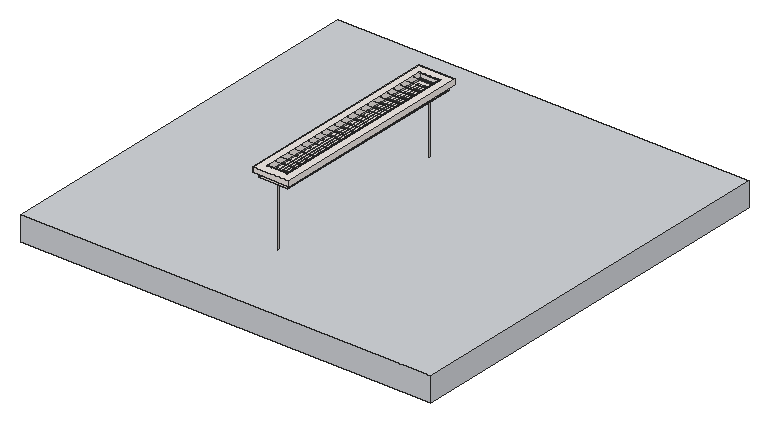
Revit family
Parameters
  Wiring Access Diameter = 0' - 0"
  Wiring = Wiring : Battery Pack
  Width = 0' - 9"  # constant formula
  Wattage Comments = "Wattage"
  Wattage = 9.29 W
  built-in parameter 1150110 = 1 (stored number, unit not read)
  Voltage = "Voltage"
  URL = "http://www.cooperlighting.com/"
  Suspension Length [instance] = 1' - 6"
  Supply Voltage = 0 V
  Series = "Vertechs Suspended"  # constant formula
  Options = Options : Rigid Pendant
  Number of Poles = 1
  No of Circuits = 1
  No of Blade = Length / 0' 2"  # 24
  Model = "Model"
  Lamp = "Lamp"
  Housing Type = "Aluminium Rounded Profile"  # constant formula
  Emit from Line Length = 2' - 0"
  Electrical Connector Description = ""
  Distribution = ""
  Diffusers/Shielding = "CrossBlade Parabolic"  # constant formula
  Desired Length of Fixture = 4' - 0"
  Description = "Description"
  built-in parameter 1114217 = 1 (stored number, unit not read)
  Total Input Wattage = 0 W
  Tilt Angle = 90.00°
  built-in parameter 1150109 = 1 (stored number, unit not read)
  built-in parameter 1150134 = 3
  built-in parameter 1150113 = 1 (stored number, unit not read)
  Shipping Weight = 0 lbf
  Product Page URL = ""
  Product Documentation Link = ""
  Power Factor = 0
  Photometric Web File = "File"
  Packaging = "Unit Pack"
  Manufacturer = "Cooper Industries, Inc."  # constant formula
  built-in parameter 1150105 = 109.81 (stored number, unit not read)
  Lumens = 1379.95 lm
  built-in parameter 1150115 = 1 (stored number, unit not read)
  built-in parameter 1150137 = (empty or 0)
  built-in parameter 1150139 = (empty or 0)
  Light Bulb Material = Glass - Cooper Industries - Clear
  Length = if(and(Desired Length of Fixture > 3' 11", Desired Length of Fixture < 8' 0"), 4' 0", if(and(Desired Length of Fixture > 7' 11", Desired Length of Fixture < 12' 0"), 8' 0", if(Desired Length of Fixture > 11' 11", 12' 0", 0' 0")))  # 4' - 0"
  built-in parameter 1150112 = 1 (stored number, unit not read)
  Lamp Quantity = 3
  built-in parameter 1150114 = 1 (stored number, unit not read)
  built-in parameter 1150132 = (empty or 0)
  built-in parameter 1150102 = (empty or 0)
  built-in parameter 1150107 = 3200 (stored number, unit not read)
  built-in parameter 1150138 = (empty or 0)
  built-in parameter 1150106 = 1.0981 (stored number, unit not read)
  Has Biaxial Bulb = yes
  Frame Material = Metal - Cooper Industries - Steel - White
  Efficiency = ""
  built-in parameter 1150104 = 13.8 (stored number, unit not read)
  Dimming Lamp Color Temperature Shift = (empty or 0)
  Diffuser Material = Metal - Cooper Industries - Aluminum - White
  Depth = 0' - 2 1/2"  # constant formula
  Default Elevation = 0' - 0"
  CTRL Light Source offset = if(Lamp Quantity = 2, 0' 1 1/2", 0' 0")  # 0' - 0"
  CTRL Lamp 3 Visibility = Lamp Quantity = 3  # yes
  Copyright © = "© 2000-2010 Cooper Industries, Inc."  # constant formula
  Color Filter = 16777215
  Catalog Number = ""
  CTRL Lamp 2 Visibility = or(Lamp Quantity = 2, Lamp Quantity = 3)  # yes
  Bulb Length = Length - 0' 2"  # 3' - 10"
  Bulb Biaxial Angle = 0.00°
  Ballast Voltage = Supply Voltage  # 0 V
  Ballast Type = ""
  Ballast Quantity = 0
  built-in parameter 1114218 = 1 (stored number, unit not read)
  Ballast Configuration = ""
  built-in parameter 1150133 = 10 (stored number, unit not read)
  Assembly Code = "D5020210"
  Apparent Load = Total Input Wattage  # 0 VA
Reference planes (in)
  plane 1 "Center (Front/Back)": y = 0
  plane 2 "Host Face": z = 0
  plane 3 "Center (Left/Right)": x = 0
  plane 4 "Left": x = -4.5
  plane 5 "Front": y = -24
  plane 6 "Right": x = 4.5
  plane 7 "Back": y = 24
  plane 8 "Bottom": z = -2.875
  plane 9 "Top": z = 0
  plane 10 "Recess Bottom": z = -2.875
  plane 11 "Light Source (T/B) 1": z = -3
  plane 12 "Light Source (T/B) 2": z = -3
  plane 13 "Light Source (T/B) 3": z = -3
  plane 14 "Light Source (T/B) 4": z = -3
  plane 15 "Reflector 1 Bottom": z = -4
  plane 16 "Reflector 2 Bottom": z = -4
  plane 17 "Void Back": y = 23.75
  plane 18 "Void Left": x = -4.25
  plane 19 "Void Front": y = -23.75
  plane 20 "Void Right": x = 4.25
  plane 21: z = 0.0625
  plane 22 "Void Bottom": z = -2.90625
  plane 23: x = -2.5
  plane 24: x = 2.5
  plane 25: z = -6
  plane 26 "Mounting Offset": z = 15.5
  plane 27: z = 18
  plane 28: x = 0.98475
  plane 29: x = -0.98475
  plane 30: y = 22
  plane 31: y = -22
  plane 32: z = 15.97083
  plane 33: y = 26
  plane 34: y = -26
  plane 35: y = -23.44327
  plane 36: y = -24.93471
  plane 37: y = 24.93471
  plane 38: x = -3.65625
  plane 39: x = 3.65625
  plane 40: x = -1.5
  plane 41: x = 0
  plane 42: x = 1.5
  plane 43: x = 0
  plane 44: y = -23.6875
Forms (in)
  Extrusion 1, solid
    sketch origin (0, 0, 0) x (1, 0, 0) y (0, 1, 0)
      loop
        line (-48, 55) -> (-48, -44.53802) -> (54.979, -44.53802) -> (54.979, 55) -> (-48, 55)
    from 0 to -6
  Sweep 2, solid, material "Metal - Cooper Industries - Steel - White" <- "Frame Material"
    path origin (0, 0, 0) x (0, 1, 0) y (0, 0, 1)
      loop
        line (23.75, 0) -> (23.75, 15.5)
    profile origin (0, 23.75, 7.75) x (0, -1, 0) y (1, 0, 0)
      loop
        circle (0, 0) r 0.1
  Sweep 3, solid, material "Metal - Cooper Industries - Steel - White" <- "Frame Material"
    path origin (0, 0, 0) x (0, -1, 0) y (0, 0, 1)
      loop
        line (23.75, 0) -> (23.75, 15.5)
    profile origin (0, -23.75, 7.75) x (0, -1, 0) y (1, 0, 0)
      loop
        circle (0, 0) r 0.1
  Sweep 4, solid, material "Metal - Cooper Industries - Steel - White" <- "Frame Material"
    path origin (0, 0, 0) x (1, 0, 0) y (0, 1, 0)
      loop
        line (-0.375, -21.875) -> (0.375, -21.875) -> (0.375, 21.875) -> (-0.375, 21.875) -> (-0.375, -21.875)
    profile origin (-0.375, 0, 0) x (-1, 0, 0) y (0, 0, 1)
      loop
        line (3.28125, 15.5) -> (3.28125, 16.6737) -> (4.125, 16.6737) -> (4.125, 18) -> (2.125, 18) -> (2.125, 16.6737) -> (2.56151, 16.6737) -> (3.05971, 15.5) -> (3.28125, 15.5)
      loop
        line (3.08298, 15.53516) -> (3.25, 15.53516) -> (3.25, 16.70495) -> (4.08984, 16.70495) -> (4.08984, 17.96484) -> (2.16016, 17.96484) -> (2.16016, 16.70703) -> (2.58555, 16.70703) -> (3.08298, 15.53516)
  Sweep 5, solid, material "Metal - Cooper Industries - Aluminum - White" <- "Diffuser Material"
    path origin (0, 0, 0) x (1, 0, 0) y (0, 1, 0)
      loop
        line (0, -24) -> (0, 24)
    profile origin (0, 0, 0) x (-1, 0, 0) y (0, 0, 1)
      loop
        arc (2.5, 18) -> (0, 17.65735) -> (-2.5, 18) r 9.29132
        line (-2.5, 18) -> (-2.5, 17.9499)
        arc (-2.5, 17.9499) -> (0, 17.60725) -> (2.5, 17.9499) r 9.29132
        line (2.5, 17.9499) -> (2.5, 18)
  Sweep 6, solid, material "Metal - Cooper Industries - Steel - White" <- "Frame Material"
    path origin (0, 1.49144, -2.11389) x (0, 1, 0) y (0, 0, 1)
      loop
        line (-0.93471, 17.61389) -> (-0.93471, 17.64905)
    profile origin (0, 0.55673, 15.51758) x (0, -1, 0) y (1, 0, 0)
      loop
        line (-24.37798, -3.65625) -> (25.49144, -3.65625) -> (25.49144, 3.65625) -> (-24.37798, 3.65625) -> (-24.37798, -3.65625)
  Sweep 7, solid, material "Metal - Cooper Industries - Aluminum - White" <- "Diffuser Material"
    path origin (0, -1.75, 0) x (1, 0, 0) y (0, 1, 0)
      loop
        line (0, -21.9375) -> (0, -22)
    profile origin (0, -23.71875, 0) x (1, 0, 0) y (0, 0, 1)
      loop
        line (-2.5, 18) -> (-2.5, 16.70703) -> (2.5, 16.70703) -> (2.5, 18) -> (-2.5, 18)
  Sweep 8, solid, material "Metal - Cooper Industries - Aluminum - White" <- "Diffuser Material"
    path origin (0, 45.6875, 0) x (1, 0, 0) y (0, 1, 0)
      loop
        line (0, -21.9375) -> (0, -22)
    profile origin (0, 23.71875, 0) x (1, 0, 0) y (0, 0, 1)
      loop
        line (-2.5, 18) -> (-2.5, 16.70703) -> (2.5, 16.70703) -> (2.5, 18) -> (-2.5, 18)
  Sweep 9, solid, material "Metal - Cooper Industries - Aluminum - White" <- "Diffuser Material"
    path origin (0, 0.3125, 0) x (1, 0, 0) y (0, 1, 0)
      loop
        line (0, -21.9375) -> (0, -22)
    profile origin (0, -21.65625, 0) x (1, 0, 0) y (0, 0, 1)
      loop
        line (-2.5, 18) -> (-2.5, 16.70703) -> (2.5, 16.70703) -> (2.5, 18) -> (-2.5, 18)
  Sweep 10, solid, material "Metal - Cooper Industries - Aluminum - White" <- "Diffuser Material"
    path origin (0, 2.375, 0) x (1, 0, 0) y (0, 1, 0)
      loop
        line (0, -21.9375) -> (0, -22)
    profile origin (0, -19.59375, 0) x (1, 0, 0) y (0, 0, 1)
      loop
        line (-2.5, 18) -> (-2.5, 16.70703) -> (2.5, 16.70703) -> (2.5, 18) -> (-2.5, 18)
  Sweep 11, solid, material "Metal - Cooper Industries - Aluminum - White" <- "Diffuser Material"
    path origin (0, 4.4375, 0) x (1, 0, 0) y (0, 1, 0)
      loop
        line (0, -21.9375) -> (0, -22)
    profile origin (0, -17.53125, 0) x (1, 0, 0) y (0, 0, 1)
      loop
        line (-2.5, 18) -> (-2.5, 16.70703) -> (2.5, 16.70703) -> (2.5, 18) -> (-2.5, 18)
  Sweep 12, solid, material "Metal - Cooper Industries - Aluminum - White" <- "Diffuser Material"
    path origin (0, 6.5, 0) x (1, 0, 0) y (0, 1, 0)
      loop
        line (0, -21.9375) -> (0, -22)
    profile origin (0, -15.46875, 0) x (1, 0, 0) y (0, 0, 1)
      loop
        line (-2.5, 18) -> (-2.5, 16.70703) -> (2.5, 16.70703) -> (2.5, 18) -> (-2.5, 18)
  Sweep 13, solid, material "Metal - Cooper Industries - Aluminum - White" <- "Diffuser Material"
    path origin (0, 8.5625, 0) x (1, 0, 0) y (0, 1, 0)
      loop
        line (0, -21.9375) -> (0, -22)
    profile origin (0, -13.40625, 0) x (1, 0, 0) y (0, 0, 1)
      loop
        line (-2.5, 18) -> (-2.5, 16.70703) -> (2.5, 16.70703) -> (2.5, 18) -> (-2.5, 18)
  Sweep 14, solid, material "Metal - Cooper Industries - Aluminum - White" <- "Diffuser Material"
    path origin (0, 10.625, 0) x (1, 0, 0) y (0, 1, 0)
      loop
        line (0, -21.9375) -> (0, -22)
    profile origin (0, -11.34375, 0) x (1, 0, 0) y (0, 0, 1)
      loop
        line (-2.5, 18) -> (-2.5, 16.70703) -> (2.5, 16.70703) -> (2.5, 18) -> (-2.5, 18)
  Sweep 15, solid, material "Metal - Cooper Industries - Aluminum - White" <- "Diffuser Material"
    path origin (0, 12.6875, 0) x (1, 0, 0) y (0, 1, 0)
      loop
        line (0, -21.9375) -> (0, -22)
    profile origin (0, -9.28125, 0) x (1, 0, 0) y (0, 0, 1)
      loop
        line (-2.5, 18) -> (-2.5, 16.70703) -> (2.5, 16.70703) -> (2.5, 18) -> (-2.5, 18)
  Sweep 16, solid, material "Metal - Cooper Industries - Aluminum - White" <- "Diffuser Material"
    path origin (0, 14.75, 0) x (1, 0, 0) y (0, 1, 0)
      loop
        line (0, -21.9375) -> (0, -22)
    profile origin (0, -7.21875, 0) x (1, 0, 0) y (0, 0, 1)
      loop
        line (-2.5, 18) -> (-2.5, 16.70703) -> (2.5, 16.70703) -> (2.5, 18) -> (-2.5, 18)
  Sweep 17, solid, material "Metal - Cooper Industries - Aluminum - White" <- "Diffuser Material"
    path origin (0, 16.8125, 0) x (1, 0, 0) y (0, 1, 0)
      loop
        line (0, -21.9375) -> (0, -22)
    profile origin (0, -5.15625, 0) x (1, 0, 0) y (0, 0, 1)
      loop
        line (-2.5, 18) -> (-2.5, 16.70703) -> (2.5, 16.70703) -> (2.5, 18) -> (-2.5, 18)
  Sweep 18, solid, material "Metal - Cooper Industries - Aluminum - White" <- "Diffuser Material"
    path origin (0, 18.875, 0) x (1, 0, 0) y (0, 1, 0)
      loop
        line (0, -21.9375) -> (0, -22)
    profile origin (0, -3.09375, 0) x (1, 0, 0) y (0, 0, 1)
      loop
        line (-2.5, 18) -> (-2.5, 16.70703) -> (2.5, 16.70703) -> (2.5, 18) -> (-2.5, 18)
  Sweep 19, solid, material "Metal - Cooper Industries - Aluminum - White" <- "Diffuser Material"
    path origin (0, 20.9375, 0) x (1, 0, 0) y (0, 1, 0)
      loop
        line (0, -21.9375) -> (0, -22)
    profile origin (0, -1.03125, 0) x (1, 0, 0) y (0, 0, 1)
      loop
        line (-2.5, 18) -> (-2.5, 16.70703) -> (2.5, 16.70703) -> (2.5, 18) -> (-2.5, 18)
  Sweep 20, solid, material "Metal - Cooper Industries - Aluminum - White" <- "Diffuser Material"
    path origin (0, 23, 0) x (1, 0, 0) y (0, 1, 0)
      loop
        line (0, -21.9375) -> (0, -22)
    profile origin (0, 1.03125, 0) x (1, 0, 0) y (0, 0, 1)
      loop
        line (-2.5, 18) -> (-2.5, 16.70703) -> (2.5, 16.70703) -> (2.5, 18) -> (-2.5, 18)
  Sweep 21, solid, material "Metal - Cooper Industries - Aluminum - White" <- "Diffuser Material"
    path origin (0, 25.0625, 0) x (1, 0, 0) y (0, 1, 0)
      loop
        line (0, -21.9375) -> (0, -22)
    profile origin (0, 3.09375, 0) x (1, 0, 0) y (0, 0, 1)
      loop
        line (-2.5, 18) -> (-2.5, 16.70703) -> (2.5, 16.70703) -> (2.5, 18) -> (-2.5, 18)
  Sweep 22, solid, material "Metal - Cooper Industries - Aluminum - White" <- "Diffuser Material"
    path origin (0, 27.125, 0) x (1, 0, 0) y (0, 1, 0)
      loop
        line (0, -21.9375) -> (0, -22)
    profile origin (0, 5.15625, 0) x (1, 0, 0) y (0, 0, 1)
      loop
        line (-2.5, 18) -> (-2.5, 16.70703) -> (2.5, 16.70703) -> (2.5, 18) -> (-2.5, 18)
  Sweep 23, solid, material "Metal - Cooper Industries - Aluminum - White" <- "Diffuser Material"
    path origin (0, 29.1875, 0) x (1, 0, 0) y (0, 1, 0)
      loop
        line (0, -21.9375) -> (0, -22)
    profile origin (0, 7.21875, 0) x (1, 0, 0) y (0, 0, 1)
      loop
        line (-2.5, 18) -> (-2.5, 16.70703) -> (2.5, 16.70703) -> (2.5, 18) -> (-2.5, 18)
  Sweep 24, solid, material "Metal - Cooper Industries - Aluminum - White" <- "Diffuser Material"
    path origin (0, 31.25, 0) x (1, 0, 0) y (0, 1, 0)
      loop
        line (0, -21.9375) -> (0, -22)
    profile origin (0, 9.28125, 0) x (1, 0, 0) y (0, 0, 1)
      loop
        line (-2.5, 18) -> (-2.5, 16.70703) -> (2.5, 16.70703) -> (2.5, 18) -> (-2.5, 18)
  Sweep 25, solid, material "Metal - Cooper Industries - Aluminum - White" <- "Diffuser Material"
    path origin (0, 33.3125, 0) x (1, 0, 0) y (0, 1, 0)
      loop
        line (0, -21.9375) -> (0, -22)
    profile origin (0, 11.34375, 0) x (1, 0, 0) y (0, 0, 1)
      loop
        line (-2.5, 18) -> (-2.5, 16.70703) -> (2.5, 16.70703) -> (2.5, 18) -> (-2.5, 18)
  Sweep 26, solid, material "Metal - Cooper Industries - Aluminum - White" <- "Diffuser Material"
    path origin (0, 35.375, 0) x (1, 0, 0) y (0, 1, 0)
      loop
        line (0, -21.9375) -> (0, -22)
    profile origin (0, 13.40625, 0) x (1, 0, 0) y (0, 0, 1)
      loop
        line (-2.5, 18) -> (-2.5, 16.70703) -> (2.5, 16.70703) -> (2.5, 18) -> (-2.5, 18)
  Sweep 27, solid, material "Metal - Cooper Industries - Aluminum - White" <- "Diffuser Material"
    path origin (0, 37.4375, 0) x (1, 0, 0) y (0, 1, 0)
      loop
        line (0, -21.9375) -> (0, -22)
    profile origin (0, 15.46875, 0) x (1, 0, 0) y (0, 0, 1)
      loop
        line (-2.5, 18) -> (-2.5, 16.70703) -> (2.5, 16.70703) -> (2.5, 18) -> (-2.5, 18)
  Sweep 28, solid, material "Metal - Cooper Industries - Aluminum - White" <- "Diffuser Material"
    path origin (0, 39.5, 0) x (1, 0, 0) y (0, 1, 0)
      loop
        line (0, -21.9375) -> (0, -22)
    profile origin (0, 17.53125, 0) x (1, 0, 0) y (0, 0, 1)
      loop
        line (-2.5, 18) -> (-2.5, 16.70703) -> (2.5, 16.70703) -> (2.5, 18) -> (-2.5, 18)
  Sweep 29, solid, material "Metal - Cooper Industries - Aluminum - White" <- "Diffuser Material"
    path origin (0, 41.5625, 0) x (1, 0, 0) y (0, 1, 0)
      loop
        line (0, -21.9375) -> (0, -22)
    profile origin (0, 19.59375, 0) x (1, 0, 0) y (0, 0, 1)
      loop
        line (-2.5, 18) -> (-2.5, 16.70703) -> (2.5, 16.70703) -> (2.5, 18) -> (-2.5, 18)
  Sweep 30, solid, material "Metal - Cooper Industries - Aluminum - White" <- "Diffuser Material"
    path origin (0, 43.625, 0) x (1, 0, 0) y (0, 1, 0)
      loop
        line (0, -21.9375) -> (0, -22)
    profile origin (0, 21.65625, 0) x (1, 0, 0) y (0, 0, 1)
      loop
        line (-2.5, 18) -> (-2.5, 16.70703) -> (2.5, 16.70703) -> (2.5, 18) -> (-2.5, 18)
Lines and regions (in)
  symbolic lines, style "Host"
    curve 1: line (-4.5, 24, 0) -> (4.5, 24, 0)
    curve 2: line (-4.5, -24, 0) -> (-4.5, 24, 0)
    curve 3: line (4.5, -24, 0) -> (-4.5, -24, 0)
    curve 4: line (4.5, 24, 0) -> (4.5, -24, 0)
    curve 5: line (-4.5, -24, 0) -> (-4.5, 24, 0)
    curve 6: line (4.5, 24, 0) -> (-4.5, 24, 0)
    curve 7: line (4.5, 24, 0) -> (-4.5, -24, 0)
Dimensions and locks (in)
  "Width": plane 4 "Left" to plane 6 "Right"
  "Length": plane 5 "Front" to plane 7 "Back"
  equal spacing: plane 5 "Front", plane 1 "Center (Front/Back)", plane 7 "Back"
  equal spacing: plane 4 "Left", plane 3 "Center (Left/Right)", plane 6 "Right"
  locked: plane 4 "Left" to plane 18 "Void Left" at 0.25
  locked: plane 20 "Void Right" to plane 6 "Right" at 0.25
  locked: plane 17 "Void Back" to plane 7 "Back" at 0.25
  locked: plane 19 "Void Front" to plane 5 "Front" at 0.25
  locked: plane 21 to plane 2 "Host Face" at 0.0625
  locked: plane 10 "Recess Bottom" to plane 22 "Void Bottom" at 0.03125
  plane 23 to plane 3 "Center (Left/Right)" to plane 24 = 0' - 2 1/2" locked, 0' - 2 1/2" locked
  "Suspension Length": plane 27 to plane 9 "Top"
  "Depth": plane 27 to plane 26 "Mounting Offset"
  locked: plane 30 to plane 7 "Back" at 2
  locked: plane 31 to plane 5 "Front" at 2
  equal spacing: Sweep 4 sketch curve, plane 3 "Center (Left/Right)", Sweep 4 sketch curve
  plane 23 to plane 4 "Left" = 0' - 2"
  plane 24 to plane 23 = 0' - 5"
  plane 6 "Right" to plane 24 = 0' - 2"
  plane 33 to plane 7 "Back" = 0' - 2"
  plane 5 "Front" to plane 34 = 0' - 2"
  plane 7 "Back" to plane 5 "Front" = 4' - 0"
  plane 32 to plane 26 "Mounting Offset" = 0' - 0.47083"  (x2)
  "CTRL Light Source offset": plane 41 to plane 43
  plane 44 to plane 19 "Void Front" = 0' - 0 1/16"
  equal spacing: group 1, group 3, group 4, group 5, group 6, group 7, group 8, group 9, group 10, group 11, group 12, group 13, group 14, group 15, group 16, group 17, group 18, group 19, group 20, group 21, group 22, group 23, group 24, group 2  (x3)
  aligned and locked: plane 2 "Host Face" to Extrusion 1
  aligned and locked: level to Extrusion 1
  aligned and locked: plane 5 "Front" to curve 3
  aligned: plane 17 "Void Back" to nested 1
  aligned and locked: plane 17 "Void Back" to Sweep 2 sketch curve
  aligned and locked: plane 9 "Top" to Sweep 2 sketch curve
  aligned and locked: Sweep 4 sketch curve to plane 26 "Mounting Offset"
  aligned: plane 23 to nested 1
  aligned: Sweep 4 to nested 1
  aligned and locked: plane 4 "Left" to Sweep 4 sketch curve
  aligned and locked: plane 27 to Sweep 4 sketch curve
  aligned and locked: nested 2 to plane 32
  aligned and locked: nested 1 to nested 2
  aligned and locked: plane 24 to Sweep 5
  aligned and locked: Sweep 5 to plane 23
  aligned and locked: plane 6 "Right" to curve 4
  aligned and locked: plane 7 "Back" to Sweep 5 sketch curve
  aligned and locked: curve 3 to Sweep 5 sketch curve
  aligned and locked: Sweep 6 sketch curve to Sweep 4  (x4)
  aligned and locked: Sweep 4 to plane 38
  aligned and locked: plane 39 to Sweep 4
  aligned and locked: plane 39 to Sweep 6
  aligned and locked: plane 38 to Sweep 6
  aligned and locked: plane 19 "Void Front" to Sweep 3 sketch curve
  aligned and locked: nested 1 to plane 32
  aligned and locked: plane 32 to nested 1
  aligned and locked: plane 27 to Sweep 4  (x2)
  aligned and locked: plane 40 to nested 2
  aligned and locked: plane 41 to plane 3 "Center (Left/Right)"
  aligned and locked: plane 42 to nested 3
  aligned and locked: plane 32 to nested 3
  aligned and locked: Sweep 4 to Sweep 5 sketch curve  (x2)
  aligned and locked: plane 24 to Sweep 5 sketch curve
  aligned and locked: plane 23 to Sweep 5 sketch curve
  aligned and locked: imposter light to plane 27
  aligned and locked: nested 1 to plane 43
  aligned and locked: imposter light to plane 43
  aligned and locked: plane 17 "Void Back" to Sweep 8
  aligned and locked: plane 27 to Sweep 8
  aligned and locked: plane 27 to Sweep 7
  aligned and locked: Sweep 7 to plane 19 "Void Front"
Automatic sketch dimensions
  curve 1 to plane 4 "Left" = 0' - 0"
  plane 7 "Back" to curve 2 = 0' - 0"
  Extrusion 1 sketch curve to Extrusion 1 sketch curve = 8' - 6.979"
  Extrusion 1 sketch curve to Extrusion 1 sketch curve = 8' - 3.53802"
  Sweep 2 sketch curve to plane 3 "Center (Left/Right)" = 0' - 0"
  Sweep 2 sketch curve to profile plane = 0' - 0"
  Sweep 3 sketch curve to plane 3 "Center (Left/Right)" = 0' - 0"
  Sweep 3 sketch curve to profile plane = 0' - 0"
  Sweep 4 sketch curve to Sweep 4 sketch curve = 0' - 0 9/256"  (x4)
  Sweep 4 sketch curve to Sweep 4 sketch curve = 0' - 0 27/32"
  Sweep 4 sketch curve to Sweep 4 sketch curve = 0' - 0 1/32"  (x2)
  Sweep 4 sketch curve to Sweep 4 sketch curve = 0' - 0.16702"
  Sweep 4 sketch curve to Sweep 4 sketch curve = 0' - 0.02327"
  Sweep 4 sketch curve to Sweep 4 sketch curve = 0' - 0.66445"
  Sweep 4 sketch curve to Sweep 4 sketch curve = 0' - 0.02404"
  Sweep 4 sketch curve to profile plane = 0' - 2 41/256"
  Sweep 4 sketch curve to Sweep 4 sketch curve = 0' - 1.13854"  (x2)
  Sweep 4 sketch curve to Sweep 4 sketch curve = 0' - 0.03333"
  Sweep 4 sketch curve to plane 3 "Center (Left/Right)" = 0' - 0 3/8"
  plane 30 to Sweep 4 sketch curve = 0' - 0 1/8"
  plane 31 to Sweep 4 sketch curve = 0' - 0 1/8"
  Sweep 5 sketch curve to profile plane = 0' - 0"
  Sweep 5 sketch curve to Sweep 5 sketch curve = 0' - 0.0501"  (x2)
  Sweep 5 sketch curve to Sweep 5 sketch curve = 0' - 8.89856"
  Sweep 5 sketch curve to plane 3 "Center (Left/Right)" = 0' - 0"
  Sweep 6 sketch curve to plane 1 "Center (Front/Back)" = 0' - 0.55673"
  Sweep 6 sketch curve to plane 26 "Mounting Offset" = 0' - 0"
  Sweep 6 sketch curve to Sweep 6 sketch curve = 0' - 0 9/256"
  Sweep 2 sketch curve to plane 26 "Mounting Offset" = 0' - 0"
  level to Sweep 3 sketch curve = 0' - 0"
  Sweep 3 sketch curve to plane 26 "Mounting Offset" = 0' - 0"
  Sweep 7 sketch curve to Sweep 7 sketch curve = 0' - 0 1/16"
  profile plane to Sweep 7 sketch curve = 0' - 2 1/2"
  Sweep 7 sketch curve to profile plane = 0' - 2 1/2"
  profile plane to Sweep 7 sketch curve = 1' - 4 181/256"
  Sweep 7 sketch curve to Sweep 7 sketch curve = 0' - 1 75/256"
  Sweep 8 sketch curve to Sweep 8 sketch curve = 0' - 0 1/16"
  profile plane to Sweep 8 sketch curve = 0' - 2 1/2"
  Sweep 8 sketch curve to profile plane = 0' - 2 1/2"
  profile plane to Sweep 8 sketch curve = 1' - 4 181/256"
  Sweep 8 sketch curve to Sweep 8 sketch curve = 0' - 1 75/256"
  Sweep 9 sketch curve to Sweep 9 sketch curve = 0' - 0 1/16"
  profile plane to Sweep 9 sketch curve = 0' - 2 1/2"
  Sweep 9 sketch curve to profile plane = 0' - 2 1/2"
  profile plane to Sweep 9 sketch curve = 1' - 4 181/256"
  Sweep 9 sketch curve to Sweep 9 sketch curve = 0' - 1 75/256"
  Sweep 10 sketch curve to Sweep 10 sketch curve = 0' - 0 1/16"
  profile plane to Sweep 10 sketch curve = 0' - 2 1/2"
  Sweep 10 sketch curve to profile plane = 0' - 2 1/2"
  profile plane to Sweep 10 sketch curve = 1' - 4 181/256"
  Sweep 10 sketch curve to Sweep 10 sketch curve = 0' - 1 75/256"
  Sweep 11 sketch curve to Sweep 11 sketch curve = 0' - 0 1/16"
  profile plane to Sweep 11 sketch curve = 0' - 2 1/2"
  Sweep 11 sketch curve to profile plane = 0' - 2 1/2"
  profile plane to Sweep 11 sketch curve = 1' - 4 181/256"
  Sweep 11 sketch curve to Sweep 11 sketch curve = 0' - 1 75/256"
  Sweep 12 sketch curve to Sweep 12 sketch curve = 0' - 0 1/16"
  profile plane to Sweep 12 sketch curve = 0' - 2 1/2"
  Sweep 12 sketch curve to profile plane = 0' - 2 1/2"
  profile plane to Sweep 12 sketch curve = 1' - 4 181/256"
  Sweep 12 sketch curve to Sweep 12 sketch curve = 0' - 1 75/256"
  Sweep 13 sketch curve to Sweep 13 sketch curve = 0' - 0 1/16"
  profile plane to Sweep 13 sketch curve = 0' - 2 1/2"
  Sweep 13 sketch curve to profile plane = 0' - 2 1/2"
  profile plane to Sweep 13 sketch curve = 1' - 4 181/256"
  Sweep 13 sketch curve to Sweep 13 sketch curve = 0' - 1 75/256"
  Sweep 14 sketch curve to Sweep 14 sketch curve = 0' - 0 1/16"
  profile plane to Sweep 14 sketch curve = 0' - 2 1/2"
  Sweep 14 sketch curve to profile plane = 0' - 2 1/2"
  profile plane to Sweep 14 sketch curve = 1' - 4 181/256"
  Sweep 14 sketch curve to Sweep 14 sketch curve = 0' - 1 75/256"
  Sweep 15 sketch curve to Sweep 15 sketch curve = 0' - 0 1/16"
  profile plane to Sweep 15 sketch curve = 0' - 2 1/2"
  Sweep 15 sketch curve to profile plane = 0' - 2 1/2"
  profile plane to Sweep 15 sketch curve = 1' - 4 181/256"
  Sweep 15 sketch curve to Sweep 15 sketch curve = 0' - 1 75/256"
  Sweep 16 sketch curve to Sweep 16 sketch curve = 0' - 0 1/16"
  profile plane to Sweep 16 sketch curve = 0' - 2 1/2"
  Sweep 16 sketch curve to profile plane = 0' - 2 1/2"
  profile plane to Sweep 16 sketch curve = 1' - 4 181/256"
  Sweep 16 sketch curve to Sweep 16 sketch curve = 0' - 1 75/256"
  Sweep 17 sketch curve to Sweep 17 sketch curve = 0' - 0 1/16"
  profile plane to Sweep 17 sketch curve = 0' - 2 1/2"
  Sweep 17 sketch curve to profile plane = 0' - 2 1/2"
  profile plane to Sweep 17 sketch curve = 1' - 4 181/256"
  Sweep 17 sketch curve to Sweep 17 sketch curve = 0' - 1 75/256"
  Sweep 18 sketch curve to Sweep 18 sketch curve = 0' - 0 1/16"
  profile plane to Sweep 18 sketch curve = 0' - 2 1/2"
  Sweep 18 sketch curve to profile plane = 0' - 2 1/2"
  profile plane to Sweep 18 sketch curve = 1' - 4 181/256"
  Sweep 18 sketch curve to Sweep 18 sketch curve = 0' - 1 75/256"
  Sweep 19 sketch curve to Sweep 19 sketch curve = 0' - 0 1/16"
  profile plane to Sweep 19 sketch curve = 0' - 2 1/2"
  Sweep 19 sketch curve to profile plane = 0' - 2 1/2"
  profile plane to Sweep 19 sketch curve = 1' - 4 181/256"
  Sweep 19 sketch curve to Sweep 19 sketch curve = 0' - 1 75/256"
  Sweep 20 sketch curve to Sweep 20 sketch curve = 0' - 0 1/16"
  profile plane to Sweep 20 sketch curve = 0' - 2 1/2"
  Sweep 20 sketch curve to profile plane = 0' - 2 1/2"
  profile plane to Sweep 20 sketch curve = 1' - 4 181/256"
  Sweep 20 sketch curve to Sweep 20 sketch curve = 0' - 1 75/256"
  Sweep 21 sketch curve to Sweep 21 sketch curve = 0' - 0 1/16"
  profile plane to Sweep 21 sketch curve = 0' - 2 1/2"
  Sweep 21 sketch curve to profile plane = 0' - 2 1/2"
  profile plane to Sweep 21 sketch curve = 1' - 4 181/256"
  Sweep 21 sketch curve to Sweep 21 sketch curve = 0' - 1 75/256"
  Sweep 22 sketch curve to Sweep 22 sketch curve = 0' - 0 1/16"
  profile plane to Sweep 22 sketch curve = 0' - 2 1/2"
  Sweep 22 sketch curve to profile plane = 0' - 2 1/2"
  profile plane to Sweep 22 sketch curve = 1' - 4 181/256"
  Sweep 22 sketch curve to Sweep 22 sketch curve = 0' - 1 75/256"
  Sweep 23 sketch curve to Sweep 23 sketch curve = 0' - 0 1/16"
  profile plane to Sweep 23 sketch curve = 0' - 2 1/2"
  Sweep 23 sketch curve to profile plane = 0' - 2 1/2"
  profile plane to Sweep 23 sketch curve = 1' - 4 181/256"
  Sweep 23 sketch curve to Sweep 23 sketch curve = 0' - 1 75/256"
  Sweep 24 sketch curve to Sweep 24 sketch curve = 0' - 0 1/16"
  profile plane to Sweep 24 sketch curve = 0' - 2 1/2"
  Sweep 24 sketch curve to profile plane = 0' - 2 1/2"
  profile plane to Sweep 24 sketch curve = 1' - 4 181/256"
  Sweep 24 sketch curve to Sweep 24 sketch curve = 0' - 1 75/256"
  Sweep 25 sketch curve to Sweep 25 sketch curve = 0' - 0 1/16"
  profile plane to Sweep 25 sketch curve = 0' - 2 1/2"
  Sweep 25 sketch curve to profile plane = 0' - 2 1/2"
  profile plane to Sweep 25 sketch curve = 1' - 4 181/256"
  Sweep 25 sketch curve to Sweep 25 sketch curve = 0' - 1 75/256"
  Sweep 26 sketch curve to Sweep 26 sketch curve = 0' - 0 1/16"
  profile plane to Sweep 26 sketch curve = 0' - 2 1/2"
  Sweep 26 sketch curve to profile plane = 0' - 2 1/2"
  profile plane to Sweep 26 sketch curve = 1' - 4 181/256"
  Sweep 26 sketch curve to Sweep 26 sketch curve = 0' - 1 75/256"
  Sweep 27 sketch curve to Sweep 27 sketch curve = 0' - 0 1/16"
  profile plane to Sweep 27 sketch curve = 0' - 2 1/2"
  Sweep 27 sketch curve to profile plane = 0' - 2 1/2"
  profile plane to Sweep 27 sketch curve = 1' - 4 181/256"
  Sweep 27 sketch curve to Sweep 27 sketch curve = 0' - 1 75/256"
  Sweep 28 sketch curve to Sweep 28 sketch curve = 0' - 0 1/16"
  profile plane to Sweep 28 sketch curve = 0' - 2 1/2"
  Sweep 28 sketch curve to profile plane = 0' - 2 1/2"
  profile plane to Sweep 28 sketch curve = 1' - 4 181/256"
  Sweep 28 sketch curve to Sweep 28 sketch curve = 0' - 1 75/256"
  Sweep 29 sketch curve to Sweep 29 sketch curve = 0' - 0 1/16"
  profile plane to Sweep 29 sketch curve = 0' - 2 1/2"
  Sweep 29 sketch curve to profile plane = 0' - 2 1/2"
  profile plane to Sweep 29 sketch curve = 1' - 4 181/256"
  Sweep 29 sketch curve to Sweep 29 sketch curve = 0' - 1 75/256"
  Sweep 30 sketch curve to Sweep 30 sketch curve = 0' - 0 1/16"
  profile plane to Sweep 30 sketch curve = 0' - 2 1/2"
  Sweep 30 sketch curve to profile plane = 0' - 2 1/2"
  profile plane to Sweep 30 sketch curve = 1' - 4 181/256"
  Sweep 30 sketch curve to Sweep 30 sketch curve = 0' - 1 75/256"
  radius of Sweep 2 sketch curve = 0' - 0.1"
  radius of Sweep 3 sketch curve = 0' - 0.1"
Nested families (in)
  nested 1: "Bulb - No  Light Source" at (0, 0, 15.65833) x (0, 1, 0) z (0, 0, 1), type "No Light Source"
    with Bulb Length 3' - 10"
  nested 2: "Bulb - Light Source" at (-1.5, 0, 15.65833) x (0, 1, 0) z (0, 0, 1), visible <- "CTRL Lamp 2 Visibility", type "Light"
    with Light Source Offset 0' - 2 1/32", Biaxial Angle 0.00°, Bulb Length 3' - 10"
  nested 3: "Bulb - Light Source" at (1.5, 0, 15.65833) x (0, 1, 0) z (0, 0, 1), visible <- "CTRL Lamp 3 Visibility", type "Light"
    with Light Source Offset 0' - 2 1/32", Biaxial Angle 0.00°, Bulb Length 3' - 10"
Connectors (in)
  electrical at (0, 0, 15.5), driven by "Power Factor", driven by "Apparent Load", driven by "Supply Voltage", driven by "Number of Poles", driven by "Electrical Connector Description"
    settings: on Sweep 6, index 1
Definition of nested family "Bulb - No  Light Source"
  Parameters (values of type "No Light Source")
    Type Comments = "⍁⍉⌁⌀⏭⎽⌇⍠⌜⍉⎖⌥⌦⌯⍭⏊⍻⍿⍊⏵⍊⏗⏠⍴⎡⌈⎀⍠⌓⌤⏘⎐⍀⌐⏬⏁⎈⏍⏦⎒⏬⌝⍩⍇⌣〈⎫〉⎁⏊⍥⍖⍥⍝⍦⌖⍀⏌⏭⎝⎼⏷⏞⍻⏯⎽⏷⏞⍻⏯⎽⏷⎺⌻⎝⍎⌧⏷⏟⏿⌿⍜⍦⍤⌁⍬⏶⏎⍊⏚⏉⎞⌡⎀⎪⏈⌟⌿⍾⍼⌟⌿⌢⍶⏷⏮⌾⎼⎻⎷⎳⎻⎓⏞⍿⎴⏷⏩⎣⎝⎽⏴⏥⌗⌿⍶⍶⏲⏺⏇⍞⏖⏕〉⎯⏛⏫⎴⌺⍏⏱⏷⏫⏪⎼⎝⏥⎿⏛⏛⏿⌇"
    Light Source Offset [instance] = 0' - 4"
    Light Bulb Material = Glass - Cooper Industries - Clear
    Is U Bulb = no
    Is Straight Bulb = no
    Is Biaxial Bulb = yes
    Emit Shape Visible in Rendering = no
    CTRL U Bulb = if(1 = 1, Bulb Seperation Distance / 2, 0' 0")  # 0' - 0 13/16"
    Bulb Seperation Distance = 0' - 1 5/8"
    Bulb Radius = Bulb Diameter / 2  # 0' - 0 5/16"
    Bulb Length = 4' - 0"
    Bulb End Material = Metal - Cooper Industries - Aluminum
    Bulb Diameter = 0' - 0 5/8"
    Biaxial Angle [instance] = 0.00°
    Assembly Code = ""
  Reference planes (in)
    plane 1 "Center (Front/Back)": y = 0
    plane 2 "Bottom": z = 0
    plane 3 "Center (Left/Right)": x = 0
    plane 4 "Center (Elevation)": z = 0.3125
    plane 5 "Top": z = 0.625
    plane 6 "Left": x = -24
    plane 7 "Left Inset": x = -23.5
    plane 8 "Right": x = 24
    plane 9 "Right Inset": x = 23.5
    plane 10 "Straight Bulb Back": y = 0.3125
    plane 11 "Straight Bulb Front": y = -0.3125
    plane 12 "U Bulb Back Back": y = 1.125
    plane 13 "U Bulb Back Front": y = 0.5
    plane 14 "U Bulb Back Center": y = 0.8125
    plane 15 "U Bulb Front Front": y = -1.125
    plane 16 "U Bulb Front Back": y = -0.5
    plane 17 "U Bulb Front Center": y = -0.8125
    plane 18 "U Bulb Right Center": x = 23.6875
    plane 19 "U Bulb Left Right": x = 23.375
    plane 20 "U Bulb Arc Reference": x = 22.875
    plane 21 "Biaxial Center (L/R)": y = 0
    plane 22 "Biaxial Center (T/B)": z = 0.3125
    plane 23 "Light Source Offset": z = 4.3125
  Forms (in)
    Extrusion 1, solid, material "Metal - Cooper Industries - Aluminum" <- "Bulb End Material", visible <- "Is U Bulb"
      sketch origin (0, -0.8125, 0) x (0, 1, 0) y (0, 0, 1)
        loop
          circle (0.8125, 0.3125) r 0.3125
      from -24 to -23.5
    Extrusion 2, solid, material "Glass - Cooper Industries - Clear" <- "Light Bulb Material", visible <- "Is Biaxial Bulb"
      sketch origin (0, -0.8125, 0) x (0, 1, 0) y (0, 0, 1)
        loop
          circle (0.8125, 0.3125) r 0.3125
      from -23.5 to 23.5
    Extrusion 3, solid, material "Metal - Cooper Industries - Aluminum" <- "Bulb End Material", visible <- "Is U Bulb"
      sketch origin (0, -0.8125, 0) x (0, 1, 0) y (0, 0, -1)
        loop
          circle (0.8125, -0.3125) r 0.3125
      from -24 to -23.5
  Lines and regions (in)
    symbolic lines, detail levels fine
      curve 1: line (-24, 0, 0) -> (24, 0, 0)
      curve 2: line (-24, 0, 0.3125) -> (24, 0, 0.3125)
  Dimensions and locks (in)
    equal spacing: plane 5 "Top", plane 4 "Center (Elevation)", plane 2 "Bottom"
    "Bulb Diameter": plane 5 "Top" to plane 2 "Bottom"
    locked: plane 7 "Left Inset" to plane 6 "Left" at 0.5
    locked: plane 9 "Right Inset" to plane 8 "Right" at 0.5
    equal spacing: plane 8 "Right", plane 3 "Center (Left/Right)", plane 6 "Left"
    "Bulb Length": plane 6 "Left" to plane 8 "Right"
    "Bulb Diameter": plane 11 "Straight Bulb Front" to plane 10 "Straight Bulb Back"
    equal spacing: plane 11 "Straight Bulb Front", plane 1 "Center (Front/Back)", plane 10 "Straight Bulb Back"
    "Bulb Diameter": plane 13 "U Bulb Back Front" to plane 12 "U Bulb Back Back"
    equal spacing: plane 13 "U Bulb Back Front", plane 14 "U Bulb Back Center", plane 12 "U Bulb Back Back"
    "Bulb Diameter": plane 16 "U Bulb Front Back" to plane 15 "U Bulb Front Front"
    equal spacing: plane 16 "U Bulb Front Back", plane 17 "U Bulb Front Center", plane 15 "U Bulb Front Front"
    equal spacing: plane 17 "U Bulb Front Center", plane 1 "Center (Front/Back)", plane 14 "U Bulb Back Center"
    "Bulb Seperation Distance": plane 17 "U Bulb Front Center" to plane 14 "U Bulb Back Center"
    equal spacing: plane 19 "U Bulb Left Right", plane 18 "U Bulb Right Center", plane 8 "Right"
    "Bulb Diameter": plane 19 "U Bulb Left Right" to plane 8 "Right"
    "CTRL U Bulb": plane 20 "U Bulb Arc Reference" to plane 18 "U Bulb Right Center"
    plane 1 "Center (Front/Back)" to plane 21 "Biaxial Center (L/R)" = 0' - 0"
    plane 22 "Biaxial Center (T/B)" to plane 4 "Center (Elevation)" = 0' - 0"
    "Light Source Offset": plane 23 "Light Source Offset" to plane 22 "Biaxial Center (T/B)"
    "Bulb Radius": radius of Extrusion 2 sketch curve
    aligned and locked: Extrusion 1 to plane 6 "Left"
    aligned and locked: plane 7 "Left Inset" to Extrusion 1
    aligned and locked: Extrusion 2 to plane 7 "Left Inset"
    aligned and locked: Extrusion 2 to plane 9 "Right Inset"
    aligned and locked: plane 6 "Left" to curve 1
    aligned and locked: plane 8 "Right" to curve 1
    aligned and locked: plane 1 "Center (Front/Back)" to curve 1
    aligned and locked: plane 8 "Right" to curve 2
    aligned and locked: plane 6 "Left" to curve 2
    aligned and locked: Extrusion 3 to plane 8 "Right"
    aligned and locked: plane 9 "Right Inset" to Extrusion 3
  Automatic sketch dimensions
    curve 2 to plane 4 "Center (Elevation)" = 0' - 0"
    Extrusion 1 sketch curve to Extrusion 1 sketch curve = 0' - 0"  (x2)
    plane 5 "Top" to Extrusion 1 sketch curve = 0' - 0"
    plane 14 "U Bulb Back Center" to Extrusion 1 sketch curve = 0' - 0 13/16"
    level to Extrusion 1 sketch curve = 0' - 0"
    Extrusion 3 sketch curve to Extrusion 3 sketch curve = 0' - 0"  (x2)
    plane 5 "Top" to Extrusion 3 sketch curve = 0' - 0"
    plane 14 "U Bulb Back Center" to Extrusion 3 sketch curve = 0' - 0 13/16"
    Extrusion 3 sketch curve to plane 4 "Center (Elevation)" = 0' - 0"
    Extrusion 2 sketch curve to plane 4 "Center (Elevation)" = 0' - 0"
    plane 14 "U Bulb Back Center" to Extrusion 2 sketch curve = 0' - 0 13/16"
Definition of nested family "Bulb - Light Source"
  Parameters (values of type "Light")
    Wattage = 13 W
    built-in parameter 1150110 = 1 (stored number, unit not read)
    Type Comments = "⍁⍉⌁⌀⏭⎽⌇⍠⌜⍉⎖⌥⌦⌯⍭⏊⍻⍿⍊⏵⍊⏗⏠⍴⎡⌈⎀⍠⌓⌤⏘⎐⍀⌐⏬⏁⎈⏍⏦⎒⏬⌝⍩⍇⌣〈⎫〉⎁⏊⍥⍖⍥⍝⍦⌖⍀⏌⏭⎝⎼⏷⏞⍻⏯⎽⏷⏞⍻⏯⎽⏷⎺⌻⎝⍎⌧⏷⏟⏿⌿⍜⍦⍤⌁⍬⏶⏎⍊⏚⏉⎞⌡⎀⎪⏈⌟⌿⍾⍼⌟⌿⌢⍶⏷⏮⌾⎼⎻⎷⎳⎻⎓⏞⍿⎴⏷⏩⎣⎝⎽⏴⏥⌗⌿⍶⍶⏲⏺⏇⍞⏖⏕〉⎯⏛⏫⎴⌺⍏⏱⏷⏫⏪⎼⎝⏥⎿⏛⏛⏿⌇"
    built-in parameter 1114217 = 1 (stored number, unit not read)
    Tilt Angle = 90.00°
    built-in parameter 1150109 = 1 (stored number, unit not read)
    built-in parameter 1150134 = 3
    built-in parameter 1150113 = 1 (stored number, unit not read)
    Photometric Web File = ""
    built-in parameter 1150105 = 153.67 (stored number, unit not read)
    Lumens = 1931.05 lm
    built-in parameter 1150115 = 1 (stored number, unit not read)
    Light Source Offset [instance] = 0' - 4"
    built-in parameter 1150137 = (empty or 0)
    built-in parameter 1150139 = (empty or 0)
    Light Bulb Material = Glass - Cooper Industries - Clear
    built-in parameter 1150112 = 1 (stored number, unit not read)
    built-in parameter 1150114 = 1 (stored number, unit not read)
    Is U Bulb = no
    Is Straight Bulb = no
    Is Biaxial Bulb = yes
    built-in parameter 1150132 = (empty or 0)
    built-in parameter 1150102 = (empty or 0)
    built-in parameter 1150107 = 3200 (stored number, unit not read)
    built-in parameter 1150138 = (empty or 0)
    built-in parameter 1150106 = 1.5367 (stored number, unit not read)
    Emit from Line Length = 2' - 0"
    built-in parameter 1150104 = 13.8 (stored number, unit not read)
    Dimming Lamp Color Temperature Shift = (empty or 0)
    Color Filter = 16777215
    CTRL U Bulb = if(1 = 1, Bulb Seperation Distance / 2, 0' 0")  # 0' - 0 13/16"
    Bulb Seperation Distance = 0' - 1 5/8"
    Bulb Radius = Bulb Diameter / 2  # 0' - 0 5/16"
    Bulb Length = 3' - 8"
    Bulb End Material = Metal - Cooper Industries - Aluminum
    Bulb Diameter = 0' - 0 5/8"
    Biaxial Angle [instance] = 0.00°
    built-in parameter 1114218 = 1 (stored number, unit not read)
    built-in parameter 1150133 = 10 (stored number, unit not read)
    Assembly Code = ""
  Reference planes (in)
    plane 1 "Center (Front/Back)": y = 0
    plane 2 "Bottom": z = 0
    plane 3 "Center (Left/Right)": x = 0
    plane 4 "Center (Elevation)": z = 0.3125
    plane 5 "Top": z = 0.625
    plane 6 "Left": x = -22
    plane 7 "Left Inset": x = -21.5
    plane 8 "Right": x = 22
    plane 9 "Right Inset": x = 21.5
    plane 10 "Straight Bulb Back": y = 0.3125
    plane 11 "Straight Bulb Front": y = -0.3125
    plane 12 "U Bulb Back Back": y = 1.125
    plane 13 "U Bulb Back Front": y = 0.5
    plane 14 "U Bulb Back Center": y = 0.8125
    plane 15 "U Bulb Front Front": y = -1.125
    plane 16 "U Bulb Front Back": y = -0.5
    plane 17 "U Bulb Front Center": y = -0.8125
    plane 18 "U Bulb Right Center": x = 21.6875
    plane 19 "U Bulb Left Right": x = 21.375
    plane 20 "U Bulb Arc Reference": x = 20.875
    plane 21 "Biaxial Center (L/R)": y = 0
    plane 22 "Biaxial Center (T/B)": z = 0.3125
    plane 23 "Light Source Offset": z = 4.3125
  Forms (in)
    Extrusion 1, solid, material "Metal - Cooper Industries - Aluminum" <- "Bulb End Material", visible <- "Is U Bulb"
      sketch origin (0, 0, 0) x (0, 1, 0) y (0, 0, 1)
        loop
          circle (0.00142, 0.3125) r 0.3125
      from -22 to -21.5
    Extrusion 2, solid, material "Glass - Cooper Industries - Clear" <- "Light Bulb Material", visible <- "Is Biaxial Bulb"
      sketch origin (0, -0.8125, 0) x (0, 1, 0) y (0, 0, 1)
        loop
          circle (0.8125, 0.3125) r 0.3125
      from -21.5 to 21.5
    Extrusion 3, solid, material "Metal - Cooper Industries - Aluminum" <- "Bulb End Material", visible <- "Is U Bulb"
      sketch origin (0, 0, 0) x (0, 1, 0) y (0, 0, -1)
        loop
          circle (-0.00145, -0.3125) r 0.3125
      from -22 to -21.5
  Lines and regions (in)
    symbolic lines, style "Light Bulb", detail levels fine
      curve 1: line (-22, 0, 0) -> (22, 0, 0)
      curve 2: line (-22, 0, 0.3125) -> (22, 0, 0.3125)
  Dimensions and locks (in)
    equal spacing: plane 5 "Top", plane 4 "Center (Elevation)", plane 2 "Bottom"
    "Bulb Diameter": plane 5 "Top" to plane 2 "Bottom"
    locked: plane 7 "Left Inset" to plane 6 "Left" at 0.5
    locked: plane 9 "Right Inset" to plane 8 "Right" at 0.5
    equal spacing: plane 8 "Right", plane 3 "Center (Left/Right)", plane 6 "Left"
    "Bulb Length": plane 6 "Left" to plane 8 "Right"
    "Bulb Diameter": plane 11 "Straight Bulb Front" to plane 10 "Straight Bulb Back"
    equal spacing: plane 11 "Straight Bulb Front", plane 1 "Center (Front/Back)", plane 10 "Straight Bulb Back"
    "Bulb Diameter": plane 13 "U Bulb Back Front" to plane 12 "U Bulb Back Back"
    equal spacing: plane 13 "U Bulb Back Front", plane 14 "U Bulb Back Center", plane 12 "U Bulb Back Back"
    "Bulb Diameter": plane 16 "U Bulb Front Back" to plane 15 "U Bulb Front Front"
    equal spacing: plane 16 "U Bulb Front Back", plane 17 "U Bulb Front Center", plane 15 "U Bulb Front Front"
    equal spacing: plane 17 "U Bulb Front Center", plane 1 "Center (Front/Back)", plane 14 "U Bulb Back Center"
    "Bulb Seperation Distance": plane 17 "U Bulb Front Center" to plane 14 "U Bulb Back Center"
    equal spacing: plane 19 "U Bulb Left Right", plane 18 "U Bulb Right Center", plane 8 "Right"
    "Bulb Diameter": plane 19 "U Bulb Left Right" to plane 8 "Right"
    "CTRL U Bulb": plane 20 "U Bulb Arc Reference" to plane 18 "U Bulb Right Center"
    plane 1 "Center (Front/Back)" to plane 21 "Biaxial Center (L/R)" = 0' - 0"
    plane 22 "Biaxial Center (T/B)" to plane 4 "Center (Elevation)" = 0' - 0"
    "Light Source Offset": plane 23 "Light Source Offset" to plane 22 "Biaxial Center (T/B)"
    "Bulb Radius": radius of Extrusion 2 sketch curve
    aligned and locked: Extrusion 1 to plane 6 "Left"
    aligned and locked: plane 7 "Left Inset" to Extrusion 1
    aligned: imposter light to plane 3 "Center (Left/Right)"
    aligned and locked: Extrusion 2 to plane 7 "Left Inset"
    aligned and locked: Extrusion 2 to plane 9 "Right Inset"
    aligned and locked: plane 6 "Left" to curve 1
    aligned and locked: plane 8 "Right" to curve 1
    aligned and locked: plane 1 "Center (Front/Back)" to curve 1
    aligned and locked: plane 8 "Right" to curve 2
    aligned and locked: plane 6 "Left" to curve 2
    aligned: plane 1 "Center (Front/Back)" to imposter light
    aligned: plane 3 "Center (Left/Right)" to imposter light
    aligned and locked: plane 23 "Light Source Offset" to imposter light
    aligned and locked: Extrusion 3 to plane 8 "Right"
    aligned and locked: plane 9 "Right Inset" to Extrusion 3
    aligned and locked: plane 3 "Center (Left/Right)" to imposter light
  Automatic sketch dimensions
    curve 2 to plane 4 "Center (Elevation)" = 0' - 0"
    Extrusion 1 sketch curve to Extrusion 1 sketch curve = 0' - 0"  (x2)
    plane 5 "Top" to Extrusion 1 sketch curve = 0' - 0"
    plane 14 "U Bulb Back Center" to Extrusion 1 sketch curve = 0' - 0.81108"
    level to Extrusion 1 sketch curve = 0' - 0"
    Extrusion 3 sketch curve to Extrusion 3 sketch curve = 0' - 0"  (x2)
    plane 5 "Top" to Extrusion 3 sketch curve = 0' - 0"
    plane 14 "U Bulb Back Center" to Extrusion 3 sketch curve = 0' - 0.81395"
    Extrusion 3 sketch curve to plane 4 "Center (Elevation)" = 0' - 0"
    Extrusion 2 sketch curve to plane 4 "Center (Elevation)" = 0' - 0"
    plane 14 "U Bulb Back Center" to Extrusion 2 sketch curve = 0' - 0 13/16"
